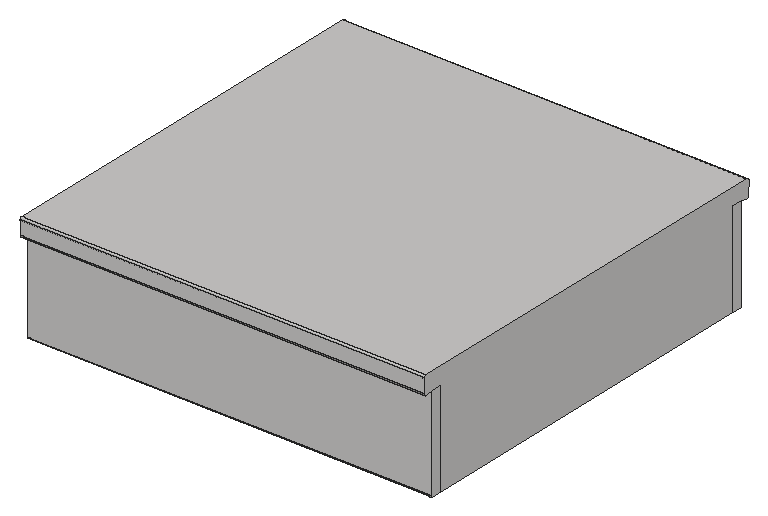
Revit family "QF_ELECTROLUXPROFESSIONAL_589166_MCNABAIOOO", category Specialty Equipment, Revit 2018
Family settings
  Round Connector Dimension = Use Diameter
  Part Type = Normal
  Work Plane-Based = No
  Always vertical = Yes
  Cut with Voids When Loaded = No
  Shared = No
  Room Calculation Point = No
Parameters
  Weight in Pounds = 70.54
  URL Cutsheet = "www.electrolux.com/professional"
  URL = "www.electrolux.com/professional"
  Type Mark [instance] = ""
  Status [instance] = ""
  Specification by User [instance] = ""
  Specification by Manufacturer = ""
  Serial Number = ""
  Seismic Rating = ""
  SMACNA No = ""
  Revision Code [instance] = ""
  Omniclass Number and Title = ""
  NAFEM Spec ID Number = ""
  Model = "589166"
  Masterspec = ""
  Manufacturer = "ELECTROLUX"
  Item Number [instance] = ""
  Installed By [instance] = ""
  Identify Quantity as Lot [instance] = yes
  Furnished By [instance] = ""
  Foodservice Equipment Identifier [instance] = yes
  Direct Waste Size = 0"
  Description = "WORK TOP,CLOSED,1-SIDE,900X900X250H"
  CSI MasterFormat = ""
  CSI Master Format = ""
Reference planes
  plane 1 "BACK": y = 0
  plane 2: z = 0
  plane 3 "LEFT": x = 0
  plane 4 "RIGHT": x = 900
  plane 5 "FRONT": y = -900
  plane 6 "TOP": z = 250
  plane 7 "Center Y": x = 450
  plane 8 "Center X": y = -450
Forms (mm)
  Extrusion 1, solid, material "QF_Finishes_Stainless Steel"
    sketch origin (0, 50.048, 0) x (0, 1, 0) y (0, 0, 1)
      loop
        line (-95.048, 213) -> (-71.412, 213) -> (-54.743, 210.061)
        arc (-54.743, 210.061) -> (-51.477, 210.936) -> (-50.048, 214) r 4
        line (-50.048, 214) -> (-50.048, 246)
        arc (-50.048, 246) -> (-51.22, 248.828) -> (-54.048, 250) r 4
        line (-54.048, 250) -> (-946.048, 250)
        arc (-946.048, 250) -> (-948.877, 248.828) -> (-950.048, 246) r 4
        line (-950.048, 246) -> (-950.048, 214)
        arc (-950.048, 214) -> (-948.619, 210.936) -> (-945.353, 210.061) r 4
        line (-945.353, 210.061) -> (-928.509, 213) -> (-905.048, 213) -> (-905.048, 0) -> (-95.048, 0) -> (-95.048, 213)
    from 0 to 900
  Extrusion 2, solid, material "QF_Finishes_Stainless Steel"
    sketch origin (0, 50.048, 0) x (0, 1, 0) y (0, 0, 1)
      loop
        arc (-928.048, 213) -> (-929.462, 212.414) -> (-930.048, 211) r 2
        line (-930.048, 211) -> (-930.048, 2)
        arc (-930.048, 2) -> (-929.462, 0.586) -> (-928.048, 0) r 2
        line (-928.048, 0) -> (-905.048, 0) -> (-905.048, 213) -> (-928.048, 213)
      loop
        line (-72.048, 213) -> (-95.048, 213) -> (-95.048, 0) -> (-72.048, 0)
        arc (-72.048, 0) -> (-70.634, 0.586) -> (-70.048, 2) r 2
        line (-70.048, 2) -> (-70.048, 211)
        arc (-70.048, 211) -> (-70.634, 212.414) -> (-72.048, 213) r 2
    from 0 to 900
Lines and regions (mm)
  symbolic lines
    curve 1: line (0, 0, 0) -> (900, 0, 0)
    curve 2: line (0, -900, 0) -> (0, 0, 0)
    curve 3: line (900, -900, 0) -> (0, -900, 0)
    curve 4: line (900, 0, 0) -> (900, -900, 0)
Dimensions and locks
  equal spacing: plane 3 "LEFT", plane 7 "Center Y", plane 4 "RIGHT"
  plane 3 "LEFT" to plane 4 "RIGHT" = 900.00 mm
  equal spacing: plane 5 "FRONT", plane 8 "Center X", plane 1 "BACK"
  plane 5 "FRONT" to plane 1 "BACK" = 900.00 mm
  plane 6 "TOP" to level = 250.00 mm
  aligned and locked: level to plane 2
  aligned and locked: Extrusion 1 to plane 4 "RIGHT"
  aligned and locked: Extrusion 2 to plane 4 "RIGHT"
Automatic sketch dimensions
  Extrusion 1 sketch curve to plane 6 "TOP" = 0.00 mm
  Extrusion 1 sketch curve to level = 0.00 mm
  Extrusion 1 sketch curve to plane 6 "TOP" = 36.00 mm
  plane 5 "FRONT" to Extrusion 1 sketch curve = 0.00 mm
  Extrusion 1 sketch curve to plane 6 "TOP" = 39.939 mm
  Extrusion 1 sketch curve to Extrusion 1 sketch curve = 4.00 mm
  Extrusion 1 sketch curve to Extrusion 1 sketch curve = 4.695 mm  (x2)
  Extrusion 1 sketch curve to Extrusion 1 sketch curve = 16.844 mm
  Extrusion 1 sketch curve to plane 5 "FRONT" = 45.00 mm
  plane 1 "BACK" to Extrusion 1 sketch curve = 45.00 mm
  Extrusion 1 sketch curve to Extrusion 1 sketch curve = 23.636 mm
  Extrusion 1 sketch curve to Extrusion 1 sketch curve = 17.364 mm
  Extrusion 1 sketch curve to Extrusion 1 sketch curve = 21.364 mm
  Extrusion 1 sketch curve to Extrusion 1 sketch curve = 0.00 mm  (x2)
  Extrusion 1 sketch curve to Extrusion 1 sketch curve = 0.695 mm
  Extrusion 1 sketch curve to plane 6 "TOP" = 37.00 mm  (x2)
  Extrusion 1 sketch curve to Extrusion 1 sketch curve = 1.00 mm
  Extrusion 2 sketch curve to level = 0.00 mm  (x2)
  level to Extrusion 2 sketch curve = 2.00 mm  (x2)
  Extrusion 2 sketch curve to plane 5 "FRONT" = 20.00 mm
  Extrusion 2 sketch curve to Extrusion 2 sketch curve = 2.00 mm
  Extrusion 2 sketch curve to Extrusion 2 sketch curve = 23.00 mm
  plane 1 "BACK" to Extrusion 2 sketch curve = 45.00 mm
  plane 1 "BACK" to Extrusion 2 sketch curve = 22.00 mm  (x2)
  Extrusion 2 sketch curve to plane 6 "TOP" = 39.00 mm  (x2)
  curve 3 to plane 3 "LEFT" = 0.00 mm
  curve 3 to plane 4 "RIGHT" = 0.00 mm
  plane 1 "BACK" to curve 2 = 0.00 mm
  curve 4 to plane 5 "FRONT" = 0.00 mm
